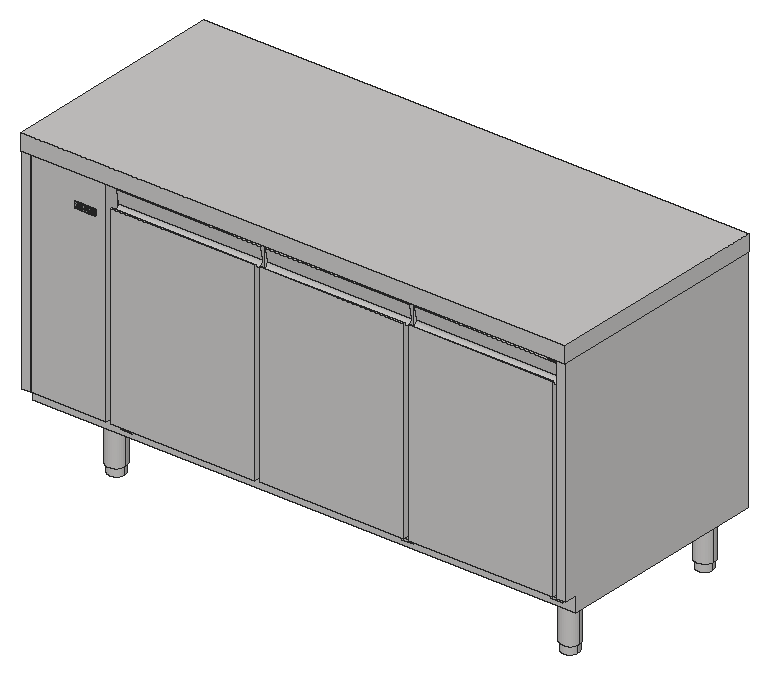
Revit family "QF_ZANUSSI_111039_ZH3RRAAA", category Specialty Equipment, Revit 2018
Family settings
  Round Connector Dimension = Use Diameter
  Part Type = Normal
  Work Plane-Based = No
  Always vertical = Yes
  Cut with Voids When Loaded = No
  Shared = No
  Room Calculation Point = No
Parameters
  Weight = 0.00 kg
  Watts = 0.00278709 W
  Volts = 220 V
  URL Manufacturer = "http://www.zanussiprofessional.com/"
  URL = "http://www.zanussiprofessional.com/"
  Steam Supply Size = 0 mm
  Steam Supply Minimum Pressure = 0.0 Pa
  Steam Supply Maximum Pressure = 0.0 Pa
  Steam Pounds per Hour = 0
  Show Logo [instance] = yes
  Show Clearance [instance] = yes
  Refrigeration Suction Line Size = 0 mm
  Refrigeration Liquid Line Size = 0 mm
  Refrigerant Compressor Remote = yes
  Manufacturer = "Zanussi"
  Phase = 1
  Model = "ZH3RRAAA"
  Length Actual = 1661 mm  # constant formula
  Item Number = "111039"
  Hot Water Size = 0 mm
  Height Actual = 900 mm  # constant formula
  HP = "0 HP"
  Gas Size = 0 mm
  Gas KW = 0
  Gas Input Pressure = 0 W
  Description = "3 DOORS REFRIGER.TABLE 440L-REM"
  Depth Actual = 700 mm  # constant formula
  Cycle = 0 Hz
  Condensate Return Size = 0 mm
  Compressed Air Volume = 0.0 L/s
  Compressed Air Size = 0 mm
  Compressed Air Pressure = 0.0 Pa
  Cold Water Size = 0 mm
  Accessory = yes
Reference planes
  plane 1 "Center X": y = 182.5
  plane 2: z = 0
  plane 3 "Center Y": x = 169.5
  plane 4: y = -62.5
  plane 5: y = 451.5
  plane 6 "BACK": y = 532.5
  plane 7 "FRONT": y = -167.5
  plane 8: x = -452
  plane 9: x = 932
  plane 10: z = 150
  plane 11 "TOP": z = 900
  plane 12: z = 850
  plane 13: x = -659
  plane 14: x = 998
  plane 15 "LEFT": x = -661
  plane 16 "RIGHT": x = 1000
Forms (mm)
  Extrusion 1, solid, material "QF_Finishes_Stainless Steel"
    sketch origin (169.5, 2, 0) x (0, 1, 0) y (0, 0, 1)
      loop
        line (530.5, 150) -> (530.5, 850) -> (-124.5, 850) -> (-124.5, 150) -> (530.5, 150)
    from -828.5 to 828.5
  Extrusion 2, solid, material "QF_Finishes_Stainless Steel"
    sketch origin (-1022.223, -1524, 150) x (-1, 0, 0) y (0, -1, 0)
      loop
        line (-363.223, -1361.5) -> (-388.223, -1361.5) -> (-388.223, -1401.5) -> (-363.223, -1401.5) -> (-363.223, -1361.5)
      loop
        line (-2020.223, -1401.5) -> (-1995.223, -1401.5) -> (-1995.223, -1361.5) -> (-2020.223, -1361.5) -> (-2020.223, -1401.5)
    from 47 to 700
  Extrusion 3, solid, material "QF_Finishes_Stainless Steel"
    sketch origin (0, 0, 900) x (-1, 0, 0) y (0, -1, 0)
      loop
        circle (-284, -94.5) r 8.45
    from -790.577 to -750
  Extrusion 4, solid, material "QF_Finishes_Stainless Steel"
    sketch origin (0, 0, 0) x (1, 0, 0) y (0, 1, 0)
      loop
        circle (-594, 207.5) r 8.45
    from 127.77 to 150
  Extrusion 5, solid, material "QF_Finishes_Stainless Steel"
    sketch origin (0, 0, 0) x (1, 0, 0) y (0, 1, 0)
      loop
        circle (-578, 162.5) r 4.75
    from 347 to 367
  Extrusion 6, solid, material "QF_Finishes_Stainless Steel"
    sketch origin (0, 0, 0) x (1, 0, 0) y (0, 1, 0)
      loop
        circle (-531, 4.5) r 4
    from 709 to 729
  Extrusion 7, solid, material "QF_Finishes_Stainless Steel"
    sketch origin (0, 0, 0) x (1, 0, 0) y (0, 1, 0)
      loop
        circle (-553, 159.5) r 4
    from 397 to 417
  Extrusion 8, solid, material "QF_Finishes_Stainless Steel"
    sketch origin (169.5, 0, 0) x (0, 1, 0) y (0, 0, 1)
      loop
        line (-167.5, 900) -> (-167.5, 850) -> (532.5, 850) -> (532.5, 900) -> (-167.5, 900)
    from -830.5 to 830.5
Cuts and joins
  joined: Extrusion 1, Extrusion 2
Lines and regions (mm)
  symbolic lines, style "SpecialityEquipmentHiddenLines"
    curve 1: line (-661, -122.5, 900) -> (1000, -122.5, 900)
    curve 2: line (-396, -167.5, 900) -> (-396, -122.5, 900)
  symbolic lines, style "SpecialityEquipment"
    curve 3: line (-661, 532.5, 900) -> (1000, 532.5, 900)
    curve 4: line (-661, 532.5, 900) -> (-661, -167.5, 900)
    curve 5: line (-661, -167.5, 900) -> (1000, -167.5, 900)
    curve 6: line (1000, -167.5, 900) -> (1000, 532.5, 900)
Dimensions and locks
  locked: plane 6 "BACK" to plane 7 "FRONT" at 700
  equal spacing: plane 6 "BACK", plane 1 "Center X", plane 7 "FRONT"
  locked: plane 6 "BACK" to plane 5 at 81
  plane 10 to level = 150 mm
  plane 11 "TOP" to plane 12 to plane 10 = 50 mm locked, 700 mm locked
  locked: Extrusion 2 sketch curve to Extrusion 2 sketch curve at 25  (x2)
  locked: plane 4 to plane 7 "FRONT" at 105
  locked: plane 6 "BACK" to Extrusion 3 sketch curve at 438
  equal spacing: plane 13, plane 3 "Center Y", plane 14
  plane 15 "LEFT" to plane 16 "RIGHT" = 1661 mm
  locked: plane 13 to plane 8 at 207
  locked: plane 9 to plane 14 at 66
  locked: Extrusion 3 sketch curve to plane 14 at 714
  plane 6 "BACK" to Extrusion 4 sketch curve = 325 mm
  locked: plane 13 to Extrusion 4 sketch curve at 65
  locked: plane 13 to Extrusion 7 sketch curve at 106
  locked: plane 6 "BACK" to Extrusion 7 sketch curve at 373
  locked: plane 6 "BACK" to Extrusion 5 sketch curve at 370
  locked: plane 13 to Extrusion 5 sketch curve at 81
  plane 13 to Extrusion 6 sketch curve = 128 mm
  plane 6 "BACK" to Extrusion 6 sketch curve = 528 mm
  locked: plane 10 to Extrusion 4 at 22.23
  cut or joined group of Extrusion 1, Extrusion 2 to Extrusion 5 to Extrusion 5 to Extrusion 7 to Extrusion 7 to Extrusion 6 to Extrusion 6 = 197 mm locked, 20 mm locked, 30 mm locked, 20 mm locked, 292 mm locked, 20 mm locked
  aligned and locked: level to plane 2
  aligned and locked: plane 10 to Extrusion 3
  aligned and locked: nested 4 to plane 4
  aligned and locked: nested 1 to plane 4
  aligned and locked: nested 3 to plane 5
  aligned and locked: nested 2 to plane 5
  aligned and locked: plane 8 to nested 1
  aligned and locked: plane 8 to nested 2
  aligned and locked: plane 9 to nested 4
  aligned and locked: plane 9 to nested 3
  aligned and locked: Extrusion 1 to Extrusion 2
  aligned and locked: Extrusion 2 to Extrusion 1
  aligned and locked: Extrusion 2 sketch curve to plane 14
  aligned and locked: plane 13 to Extrusion 2 sketch curve
  aligned and locked: cut or joined group of Extrusion 1, Extrusion 2 to plane 10
  aligned and locked: plane 12 to cut or joined group of Extrusion 1, Extrusion 2
  aligned and locked: plane 10 to Extrusion 4
  aligned and locked: nested 8 to plane 7 "FRONT"
  aligned and locked: plane 14 to nested 8
  aligned and locked: plane 16 "RIGHT" to curve 6
  aligned and locked: Extrusion 8 sketch curve to plane 11 "TOP"
  aligned and locked: plane 7 "FRONT" to Extrusion 8 sketch curve
  aligned and locked: Extrusion 8 sketch curve to cut or joined group of Extrusion 1, Extrusion 2  (x2)
  aligned and locked: Extrusion 8 to curve 3
  aligned and locked: plane 16 "RIGHT" to Extrusion 8
Automatic sketch dimensions
  Extrusion 1 sketch curve to plane 10 = 0 mm
  Extrusion 1 sketch curve to plane 12 = 0 mm
  Extrusion 1 sketch curve to plane 6 "BACK" = 0 mm
  plane 7 "FRONT" to Extrusion 1 sketch curve = 45 mm
  plane 7 "FRONT" to Extrusion 2 sketch curve = 45 mm  (x2)
  plane 7 "FRONT" to Extrusion 2 sketch curve = 5 mm  (x2)
  curve 6 to plane 6 "BACK" = 0 mm
  curve 2 to plane 7 "FRONT" = 0 mm
  plane 8 to curve 2 = 56 mm
  curve 1 to curve 4 = 45 mm
  radius of Extrusion 3 sketch curve = 8.45 mm
  radius of Extrusion 4 sketch curve = 8.45 mm
  radius of Extrusion 5 sketch curve = 4.75 mm
  radius of Extrusion 6 sketch curve = 4 mm
  radius of Extrusion 7 sketch curve = 4 mm
Nested families
  nested 1: "Foot_Ø50_H150" at (-452, -62.5, 0), type "Foot_Ø50_H150"
  nested 2: "Foot_Ø50_H150" at (-452, 451.5, 0), type "Foot_Ø50_H150"
  nested 3: "Foot_Ø50_H150" at (932, 451.5, 0), type "Foot_Ø50_H150"
  nested 4: "Foot_Ø50_H150" at (932, -62.5, 0), type "Foot_Ø50_H150"
  nested 5: "ZAN_Cooling Unit_Remote" at (-518.5, -164.5, 0), Show Logo <- "Show Logo", type "ZAN_Cooling Unit_Remote"
  nested 6: "Door" at (285, -164.5, 0), Show Clearance <- "Show Clearance", type "Door"
  nested 7: "Door" at (-169, -164.5, 0) x (-1, 0, 0) z (0, 0, 1), Show Clearance <- "Show Clearance", type "Door"
  nested 8: "Refrigerator" at (998, -167.5, 900), type "Refrigerator"
  nested 9: "Door" at (739, -164.5, 0), Show Clearance <- "Show Clearance", type "Door"
Connectors
  piping at (-594, 207.5, 127.77), diameter 17
    settings: on Extrusion 4, index 1, connector inside diameter 609.6 mm, connector length 0 mm, flow factor 0, pipe flow 0.0 L/s, pressure drop 0.0 Pa, fitting loss kfactor 0, connector angle 0.00°, fixture units 0, engagement length 0 mm, angle of deflection 0.00°, flow configuration 1, flow direction 2, fitting loss method 0, system type 16, joint type 0, gender type 0, connector reference index -1, connector utility 0, adjustable connector no, is connector primary yes, connector description "Drain"
  piping at (-578, 162.5, 347), diameter 2895.6
    settings: on Extrusion 5, index 2, connector inside diameter 609.6 mm, connector length 0 mm, flow factor 0, pipe flow 0.0 L/s, pressure drop 0.0 Pa, fitting loss kfactor 0, connector angle 0.00°, fixture units 0, engagement length 0 mm, angle of deflection 0.00°, flow configuration 1, flow direction 2, fitting loss method 0, system type 8, joint type 0, gender type 0, connector reference index -1, connector utility 0, adjustable connector no, is connector primary no, connector description "Refrigerant Outlet"
  piping at (-553, 159.5, 397), diameter 2438.4
    settings: on Extrusion 7, index 3, connector inside diameter 609.6 mm, connector length 0 mm, flow factor 0, pipe flow 0.0 L/s, pressure drop 0.0 Pa, fitting loss kfactor 0, connector angle 0.00°, fixture units 0, engagement length 0 mm, angle of deflection 0.00°, flow configuration 1, flow direction 1, fitting loss method 0, system type 7, joint type 0, gender type 0, connector reference index -1, connector utility 0, adjustable connector no, is connector primary no, connector description "Refrigerant Inlet"
  electrical at (-531, 4.5, 709)
    settings: on Extrusion 6, index 4, voltage 0 V, apparent load 0 VA, apparent load phase1 0 VA, apparent load phase2 0 VA, apparent load phase3 0 VA, power factor 1, load classification "Altro", number of poles 1, system type 30, power factor state 1, is connector primary yes, connector utility no, sub classification motor no, connector description "Electrical Connection"
  piping at (284, 94.5, 109.423), diameter 17
    settings: on Extrusion 3, index 5, connector inside diameter 609.6 mm, connector length 0 mm, flow factor 0, pipe flow 0.0 L/s, pressure drop 0.0 Pa, fitting loss kfactor 0, connector angle 0.00°, fixture units 0, engagement length 0 mm, angle of deflection 0.00°, flow configuration 1, flow direction 2, fitting loss method 0, system type 16, joint type 0, gender type 0, connector reference index -1, connector utility 0, adjustable connector no, is connector primary no, connector description "Drain"
Definition of nested family "Foot_Ø50_H150"
  Reference planes
    plane 1 "Centro (Fronte/Retro)": y = 0
    plane 2: z = 0
    plane 3 "Centro (Sinistra/Destra)": x = 0
    plane 4: z = 150
  Forms (mm)
    Revolve 1, solid
      sketch origin (255.05, 0, 608.09) x (0, 0, 1) y (-1, 0, 0)
        loop
          line (-608.09, 255.05) -> (-608.09, 230.05) -> (-583.09, 230.05) -> (-583.09, 226.05) -> (-458.09, 226.05) -> (-458.09, 255.05) -> (-608.09, 255.05)
        axis (-608.09, 255.05) -> (-458.09, 255.05)
      angle from 0 to 360
  Dimensions and locks
    locked: Revolve 1 sketch curve to Revolve 1 sketch curve at 125
    aligned and locked: level to plane 2
    aligned and locked: plane 4 to Revolve 1 sketch curve
    aligned and locked: Revolve 1 sketch curve to level
    aligned and locked: plane 3 "Centro (Sinistra/Destra)" to Revolve 1 sketch curve
Definition of nested family "ZAN_Cooling Unit_Remote"
  Parameters
    Show Logo [instance] = yes
  Reference planes
    plane 1 "FRONT": y = -3
    plane 2: z = 0
    plane 3 "Centro (Sinistra/Destra)": x = 0
    plane 4: z = 150
    plane 5: z = 850
    plane 6: x = -115.5
    plane 7: x = 115.5
  Forms (mm)
    Extrusion 1, solid
      sketch origin (0, 55, 511) x (0, 0, 1) y (0, -1, 0)
        loop
          line (-314, 53) -> (-314, 13) -> (339, 13) -> (339, 53) -> (-314, 53)
      from -115.5 to 115.5
  Lines and regions (mm)
    Split face 1
      outline origin (0, 2, 197) x (0, 0, 1) y (-1, 0, 0)
        loop
          line (622.361, 88.738) -> (620.361, 90.738) -> (551.361, 90.738) -> (549.361, 88.738) -> (549.361, -88.738) -> (551.361, -90.738) -> (620.361, -90.738) -> (622.361, -88.738) -> (622.361, 88.738)
    Split face 2
      outline origin (0, 2, 197) x (0, 0, 1) y (-1, 0, 0)
        loop
          line (594.861, 71.967) -> (576.861, 71.967) -> (576.861, 6.967) -> (594.861, 6.967) -> (594.861, 71.967)
    Split face 3
      outline origin (0, 2, 197) x (0, 0, 1) y (-1, 0, 0)
        loop
          spline (549.361, 14.392) -> (554.282, 6.98) -> (559.415, 0.36) -> (564.759, -5.468) -> (570.314, -10.504) -> (576.08, -14.748) -> (582.058, -18.199) -> (588.247, -20.859) -> (594.647, -22.726) -> (601.259, -23.801) -> (608.081, -24.084) -> (615.115, -23.575) -> (622.361, -22.274)
        loop
          spline (549.361, 2.362) -> (555.285, -3.356) -> (561.239, -8.428) -> (567.221, -12.855) -> (573.232, -16.635) -> (579.272, -19.769) -> (585.341, -22.257) -> (591.439, -24.099) -> (597.565, -25.295) -> (603.721, -25.845) -> (609.905, -25.749) -> (616.118, -25.007) -> (622.361, -23.619)
  Dimensions and locks
    aligned and locked: level to plane 2
  Nested families
    nested 1: "ZAN_Logo_XS_Grey" at (52.418, 2, 758.75) x (1, 0, 0) z (0, -1, 0), visible <- "Show Logo", type "ZAN_Logo_XS_Grey"
  Definition of nested family "ZAN_Logo_XS_Grey"
    Parameters
      Default Elevation = 0 mm
    Reference planes
      plane 1 "Centro (Fronte/Retro)": y = 0
      plane 2: z = 0
      plane 3 "Centro (Sinistra/Destra)": x = 0
    Forms (mm)
      Extrusion 1, solid
        sketch origin (0, 0, 0) x (1, 0, 0) y (0, 1, 0)
          loop
            line (-1219.2, 1219.2) -> (-1219.2, -1219.2) -> (1219.2, -1219.2) -> (1219.2, 1219.2) -> (-1219.2, 1219.2)
        from 0 to -304.8
      Extrusion 2, solid
        sketch origin (17.793, -46.218, 0) x (-1, 0, 0) y (0, -1, 0)
          loop
            spline (1.911, -54.793) -> (2.402, -54.973) -> (2.91, -55.105) -> (3.43, -55.191) -> (3.955, -55.229) -> (4.482, -55.219) -> (5.006, -55.161) -> (5.521, -55.054) -> (6.022, -54.898) -> (6.506, -54.693) -> (6.966, -54.438) -> (7.398, -54.133) -> (7.797, -53.778)
            spline (7.797, -53.778) -> (8.033, -53.407) -> (8.237, -53.008) -> (8.407, -52.586) -> (8.544, -52.147) -> (8.65, -51.697) -> (8.723, -51.241) -> (8.764, -50.785) -> (8.774, -50.335) -> (8.753, -49.897) -> (8.701, -49.475) -> (8.619, -49.075) -> (8.507, -48.704)
            line (8.507, -48.704) -> (6.883, -46.37) -> (5.158, -44.848) -> (3.027, -42.716)
            spline (3.027, -42.716) -> (3.002, -42.56) -> (2.979, -42.398) -> (2.962, -42.23) -> (2.952, -42.059) -> (2.951, -41.886) -> (2.963, -41.714) -> (2.99, -41.545) -> (3.034, -41.378) -> (3.098, -41.218) -> (3.184, -41.065) -> (3.295, -40.921) -> (3.433, -40.788)
            line (3.433, -40.788) -> (4.752, -40.687)
            spline (4.752, -40.687) -> (4.999, -40.855) -> (5.185, -41.053) -> (5.32, -41.275) -> (5.41, -41.518) -> (5.463, -41.775) -> (5.488, -42.044) -> (5.491, -42.319) -> (5.481, -42.596) -> (5.466, -42.87) -> (5.452, -43.137) -> (5.448, -43.392) -> (5.462, -43.63)
            line (5.462, -43.63) -> (9.014, -43.63)
            spline (9.014, -43.63) -> (9.056, -43.199) -> (9.08, -42.769) -> (9.084, -42.342) -> (9.067, -41.92) -> (9.027, -41.503) -> (8.964, -41.093) -> (8.875, -40.691) -> (8.759, -40.3) -> (8.615, -39.919) -> (8.441, -39.552) -> (8.237, -39.198) -> (7.999, -38.86)
            spline (7.999, -38.86) -> (7.708, -38.596) -> (7.394, -38.361) -> (7.059, -38.155) -> (6.707, -37.977) -> (6.338, -37.828) -> (5.957, -37.706) -> (5.565, -37.612) -> (5.165, -37.545) -> (4.76, -37.504) -> (4.351, -37.491) -> (3.942, -37.503) -> (3.534, -37.541)
            spline (3.534, -37.541) -> (3.104, -37.608) -> (2.677, -37.709) -> (2.258, -37.842) -> (1.85, -38.007) -> (1.459, -38.203) -> (1.086, -38.429) -> (0.737, -38.685) -> (0.415, -38.969) -> (0.123, -39.282) -> (-0.133, -39.622) -> (-0.35, -39.989) -> (-0.525, -40.383)
            spline (-0.525, -40.383) -> (-0.633, -40.866) -> (-0.704, -41.352) -> (-0.738, -41.837) -> (-0.736, -42.318) -> (-0.698, -42.794) -> (-0.627, -43.262) -> (-0.521, -43.719) -> (-0.382, -44.164) -> (-0.211, -44.592) -> (-0.008, -45.003) -> (0.226, -45.394) -> (0.49, -45.761)
            line (0.49, -45.761) -> (4.549, -49.414) -> (5.056, -50.023) -> (5.259, -51.647) -> (4.042, -52.256) -> (3.027, -51.546) -> (2.925, -49.414) -> (-0.424, -49.414) -> (-0.22, -52.865)
            spline (-0.22, -52.865) -> (-0.13, -53.068) -> (-0.013, -53.268) -> (0.127, -53.466) -> (0.287, -53.658) -> (0.464, -53.843) -> (0.655, -54.019) -> (0.856, -54.185) -> (1.065, -54.338) -> (1.278, -54.478) -> (1.492, -54.601) -> (1.704, -54.707) -> (1.911, -54.793)
          loop
            spline (-10.267, -52.966) -> (-9.987, -53.421) -> (-9.658, -53.822) -> (-9.284, -54.17) -> (-8.873, -54.466) -> (-8.429, -54.711) -> (-7.959, -54.907) -> (-7.467, -55.054) -> (-6.96, -55.154) -> (-6.443, -55.207) -> (-5.922, -55.214) -> (-5.402, -55.178) -> (-4.889, -55.098)
            spline (-4.889, -55.098) -> (-4.532, -55.03) -> (-4.176, -54.93) -> (-3.825, -54.799) -> (-3.483, -54.639) -> (-3.156, -54.45) -> (-2.847, -54.235) -> (-2.561, -53.994) -> (-2.303, -53.729) -> (-2.077, -53.442) -> (-1.889, -53.134) -> (-1.742, -52.805) -> (-1.641, -52.459)
            spline (-1.641, -52.459) -> (-1.485, -51.997) -> (-1.371, -51.525) -> (-1.299, -51.049) -> (-1.269, -50.572) -> (-1.282, -50.098) -> (-1.337, -49.63) -> (-1.434, -49.173) -> (-1.574, -48.73) -> (-1.756, -48.306) -> (-1.98, -47.904) -> (-2.246, -47.528) -> (-2.555, -47.182)
            line (-2.555, -47.182) -> (-6.31, -43.833) -> (-7.121, -42.615)
            spline (-7.121, -42.615) -> (-7.146, -42.461) -> (-7.169, -42.304) -> (-7.188, -42.144) -> (-7.2, -41.984) -> (-7.204, -41.823) -> (-7.198, -41.664) -> (-7.178, -41.506) -> (-7.144, -41.352) -> (-7.093, -41.202) -> (-7.023, -41.058) -> (-6.932, -40.919) -> (-6.817, -40.788)
            line (-6.817, -40.788) -> (-5.802, -40.585)
            spline (-5.802, -40.585) -> (-5.443, -40.671) -> (-5.17, -40.818) -> (-4.971, -41.02) -> (-4.836, -41.266) -> (-4.753, -41.547) -> (-4.711, -41.854) -> (-4.699, -42.178) -> (-4.705, -42.51) -> (-4.718, -42.84) -> (-4.726, -43.16) -> (-4.719, -43.46) -> (-4.686, -43.731)
            line (-4.686, -43.731) -> (-1.134, -43.63)
            spline (-1.134, -43.63) -> (-1.09, -43.193) -> (-1.063, -42.747) -> (-1.055, -42.296) -> (-1.07, -41.845) -> (-1.112, -41.396) -> (-1.185, -40.953) -> (-1.291, -40.522) -> (-1.435, -40.104) -> (-1.619, -39.705) -> (-1.848, -39.329) -> (-2.125, -38.978) -> (-2.453, -38.657)
            spline (-2.453, -38.657) -> (-2.873, -38.351) -> (-3.319, -38.09) -> (-3.785, -37.876) -> (-4.269, -37.706) -> (-4.765, -37.582) -> (-5.269, -37.503) -> (-5.778, -37.468) -> (-6.287, -37.477) -> (-6.792, -37.53) -> (-7.288, -37.626) -> (-7.771, -37.765) -> (-8.238, -37.947)
            spline (-8.238, -37.947) -> (-8.443, -38.033) -> (-8.65, -38.14) -> (-8.858, -38.264) -> (-9.065, -38.405) -> (-9.269, -38.562) -> (-9.468, -38.733) -> (-9.661, -38.917) -> (-9.846, -39.112) -> (-10.022, -39.317) -> (-10.185, -39.53) -> (-10.335, -39.751) -> (-10.47, -39.977)
            spline (-10.47, -39.977) -> (-10.65, -40.464) -> (-10.783, -40.962) -> (-10.87, -41.467) -> (-10.91, -41.976) -> (-10.904, -42.487) -> (-10.851, -42.996) -> (-10.752, -43.501) -> (-10.606, -43.998) -> (-10.413, -44.486) -> (-10.174, -44.961) -> (-9.889, -45.421) -> (-9.557, -45.863)
            line (-9.557, -45.863) -> (-5.295, -49.719) -> (-4.787, -51.038) -> (-5.193, -52.053) -> (-6.107, -52.256) -> (-7.121, -51.546) -> (-7.223, -49.516) -> (-10.673, -49.414)
            spline (-10.673, -49.414) -> (-10.656, -49.721) -> (-10.65, -50.03) -> (-10.653, -50.341) -> (-10.658, -50.651) -> (-10.662, -50.96) -> (-10.661, -51.267) -> (-10.648, -51.569) -> (-10.621, -51.865) -> (-10.573, -52.154) -> (-10.502, -52.435) -> (-10.401, -52.706) -> (-10.267, -52.966)
          loop
            line (-11.282, -37.541) -> (-14.834, -37.541) -> (-14.834, -54.894) -> (-11.282, -54.894) -> (-11.282, -37.541)
          loop
            line (15.205, -41.702) -> (15.205, -54.894) -> (18.757, -54.894) -> (18.757, -43.224) -> (18.554, -40.383)
            arc (18.554, -40.383) -> (17.093, -38.328) -> (14.698, -37.541) r 4.037
            line (14.698, -37.541) -> (13.074, -37.541) -> (12.262, -37.744)
            arc (12.262, -37.744) -> (10.306, -39.004) -> (9.522, -41.194) r 3.619
            line (9.522, -41.194) -> (9.522, -54.894) -> (13.074, -54.894) -> (13.074, -42.006) -> (13.479, -41.093) -> (14.596, -40.991) -> (15.205, -41.702)
          loop
            line (19.569, -54.894) -> (22.816, -54.894) -> (22.816, -43.833) -> (25.759, -54.894) -> (29.514, -54.894) -> (29.514, -37.541) -> (26.368, -37.541) -> (26.368, -49.008) -> (23.425, -37.541) -> (19.569, -37.541) -> (19.569, -54.894)
          loop
            line (41.184, -54.894) -> (50.013, -54.894) -> (50.013, -51.647) -> (45.345, -51.749) -> (50.419, -41.093) -> (50.419, -37.541) -> (41.184, -37.541) -> (41.184, -41.093) -> (46.511, -41.093) -> (41.184, -51.952) -> (41.184, -54.894)
          loop
            line (32.964, -54.894) -> (37.835, -54.894) -> (40.981, -37.541) -> (37.328, -37.541) -> (36.821, -40.89) -> (33.878, -40.89) -> (33.37, -37.541) -> (29.717, -37.541) -> (32.964, -54.894)
          loop
            line (36.415, -44.036) -> (34.385, -44.036) -> (35.4, -51.928) -> (36.415, -44.036)
        from 0 to 1.644
    Dimensions and locks
      aligned and locked: plane 2 to Extrusion 1
      aligned and locked: level to Extrusion 1
Definition of nested family "Door"
  Parameters
    Show Clearance [instance] = yes
  Reference planes
    plane 1 "FRONT": y = -3
    plane 2: z = 0
    plane 3 "Centro (Sinistra/Destra)": x = 0
    plane 4: z = 150
    plane 5: z = 850
    plane 6: x = -234
    plane 7: x = 234
    plane 8: x = -220
    plane 9: x = 220
  Forms (mm)
    Extrusion 1, solid
      sketch origin (0, 53, 511) x (0, 0, 1) y (0, -1, 0)
        loop
          line (-323.003, 28.5) -> (-316.501, 28.5) -> (-316.501, 31) -> (-325.503, 31) -> (-325.503, 13.5) -> (-345.503, 13.5) -> (-345.503, 11) -> (-323.003, 11) -> (-323.003, 23.259) -> (-323.003, 28.5)
        loop
          line (-314, 27) -> (-316.501, 27) -> (-316.501, 18.501) -> (-319.752, 18.501) -> (-319.752, 16) -> (-314, 16) -> (-314, 27)
        loop
          line (315.003, 27) -> (315.003, 13.948) -> (315.003, 11) -> (327.503, 11) -> (327.503, 13.5) -> (317.503, 13.5) -> (317.503, 27) -> (315.003, 27)
      from 185 to 220
    Extrusion 2, solid, visible <- "Show Clearance", detail levels coarse
      sketch origin (0, 53, 511) x (0, -1, 0) y (1, 0, 0)
        loop
          line (51, 220) -> (51, -220)
          arc (51, -220) -> (339.234, -79.44) -> (454, 220) r 437.168
          line (454, 220) -> (51, 220)
      from -314 to 314
    Extrusion 3, solid
      sketch origin (0, 55, 511) x (0, 0, 1) y (0, -1, 0)
        loop
          line (314, 18) -> (314, 29) -> (274.395, 22.5)
          arc (274.395, 22.5) -> (260.395, 36.5) -> (274.395, 50.5) r 14
          line (274.395, 50.5) -> (274.395, 53) -> (-314, 53) -> (-314, 18) -> (314, 18)
      from -220 to 220
  Lines and regions (mm)
    symbolic lines
      curve 1: line (220, -3, 0) -> (220, -401, 0)
      curve 2: line (220, -401, 0) -> (185, -401, 0)
      curve 3: line (185, -401, 0) -> (185, -3, 0)
      curve 4: arc (-219.722, -3, 0) -> (-89.51, -275.368, 0) -> (185, -401, 0) r 442.855
  Dimensions and locks
    aligned and locked: level to plane 2
Definition of nested family "Refrigerator"
  Reference planes
    plane 1 "Center (Front/Back)": y = 0
    plane 2: z = 0
    plane 3 "Center (Left/Right)": x = 0
  Lines and regions (mm)
    detail lines, in view "Ref. Level"
      curve 1: spline (-500, 190, 0) -> (-493.185, 166.706, 0) -> (-473.205, 145, 0) -> (-441.421, 126.36, 0) -> (-400, 112.058, 0) -> (-351.764, 103.067, 0) -> (-300, 100, 0) -> (-248.236, 103.067, 0) -> (-200, 112.058, 0) -> (-158.579, 126.36, 0) -> (-126.795, 145, 0) -> (-106.815, 166.706, 0) -> (-100, 190, 0) -> (-106.815, 213.294, 0) -> (-126.795, 235, 0) -> (-158.579, 253.64, 0) -> (-200, 267.942, 0) -> (-248.236, 276.933, 0) -> (-300, 280, 0) -> (-351.764, 276.933, 0) -> (-400, 267.942, 0) -> (-441.421, 253.64, 0) -> (-473.205, 235, 0) -> (-493.185, 213.294, 0) -> (-500, 190, 0)
      curve 2: line (-300, 130, 0) -> (-300, 250, 0)
      curve 3: line (-351.962, 220, 0) -> (-248.038, 160, 0)
      curve 4: line (-351.962, 160, 0) -> (-248.038, 220, 0)
      curve 5: line (-280.884, 246.873, 0) -> (-300, 225, 0)
      curve 6: line (-300, 225, 0) -> (-319.116, 246.873, 0)
      curve 7: line (-330.311, 207.5, 0) -> (-339.696, 234.992, 0)
      curve 8: line (-358.812, 201.882, 0) -> (-330.311, 207.5, 0)
      curve 9: line (-330.311, 172.5, 0) -> (-358.812, 178.118, 0)
      curve 10: line (-339.696, 145.008, 0) -> (-330.311, 172.5, 0)
      curve 11: line (-300, 155, 0) -> (-319.116, 133.127, 0)
      curve 12: line (-280.884, 133.127, 0) -> (-300, 155, 0)
      curve 13: line (-269.689, 172.5, 0) -> (-260.304, 145.008, 0)
      curve 14: line (-241.188, 178.118, 0) -> (-269.689, 172.5, 0)
      curve 15: line (-269.689, 207.5, 0) -> (-241.188, 201.882, 0)
      curve 16: line (-260.304, 234.992, 0) -> (-269.689, 207.5, 0)
